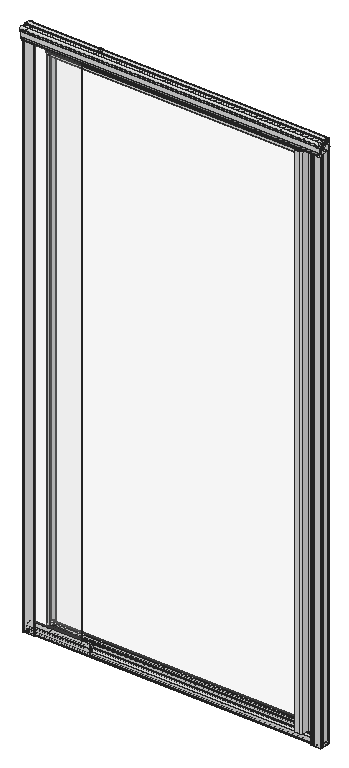
Revit family "Shower-Shower_Door-STERLING-Deluxe-572119_1", category Specialty Equipment, host Face, Revit 2021 (continued)
Definition of nested family "572119"
  Automatic sketch dimensions
    curve 71 to curve 71 = 0.02562"
    curve 83 to plane 20 = 0.15802"
    curve 83 to curve 84 = 0.03037"
    curve 74 to plane 20 = 0.04047"
    curve 82 to plane 20 = 0.02961"
    curve 75 to plane 20 = 0.01715"
    curve 81 to plane 20 = 0.01449"
    level to curve 68 = 0.405"
    curve 68 to curve 79 = 0"
    curve 68 to curve 80 = 0"
    curve 79 to curve 81 = 0.453"
    curve 78 to curve 81 = 0"
    level to curve 67 = 0.858"
    curve 82 to curve 81 = 0"
    curve 81 to curve 76 = 0"
    curve 82 to curve 82 = 1/4"
    curve 74 to curve 74 = 1/4"
    curve 67 to curve 64 = 0.35103"
    curve 74 to curve 75 = 0"
    curve 73 to curve 72 = 1/4"
    curve 67 to curve 66 = 0"
    curve 64 to curve 64 = 0.06254"
    curve 72 to curve 46 = 0.292"
    curve 46 to curve 69 = 0.10978"
    curve 70 to curve 69 = 0.13641"
    curve 49 to curve 54 = 0"
    curve 56 to curve 51 = 0.00073"
    curve 52 to curve 51 = 0"
    curve 65 to curve 52 = 0"
    curve 60 to plane 23 = 0.206"
    Extrusion 1 sketch curve to plane 18 = 0"
    Extrusion 1 sketch curve to plane 23 = 0"
    Extrusion 1 sketch curve to plane 19 = 0"  (x2)
    Extrusion 1 sketch curve to Extrusion 1 sketch curve = 0.01995"
    plane 18 to Extrusion 1 sketch curve = 0.05"
    Extrusion 1 sketch curve to Extrusion 1 sketch curve = 0.04475"
    Extrusion 1 sketch curve to Extrusion 1 sketch curve = 0.00494"
    Extrusion 1 sketch curve to Extrusion 1 sketch curve = 0.02029"
    Extrusion 1 sketch curve to Extrusion 1 sketch curve = 0.01536"
    Extrusion 1 sketch curve to Extrusion 1 sketch curve = 0.05"  (x3)
    plane 18 to Extrusion 1 sketch curve = 0.20015"
    Extrusion 1 sketch curve to plane 23 = 0.12"
    plane 18 to Extrusion 1 sketch curve = 0.22141"
    Extrusion 1 sketch curve to Extrusion 1 sketch curve = 0.00074"  (x2)
    Extrusion 1 sketch curve to Extrusion 1 sketch curve = 0.0512"
    Extrusion 1 sketch curve to Extrusion 1 sketch curve = 0.0175"
    Extrusion 1 sketch curve to Extrusion 1 sketch curve = 0.02506"
    Extrusion 1 sketch curve to Extrusion 1 sketch curve = 0.14541"
    Extrusion 1 sketch curve to Extrusion 1 sketch curve = 0.0014"
    Extrusion 1 sketch curve to Extrusion 1 sketch curve = 0.06605"
    Extrusion 1 sketch curve to Extrusion 1 sketch curve = 0.18902"
    Extrusion 1 sketch curve to Extrusion 1 sketch curve = 0.01957"
    Extrusion 1 sketch curve to Extrusion 1 sketch curve = 0.025"  (x4)
    Extrusion 1 sketch curve to Extrusion 1 sketch curve = 0.02021"
    Extrusion 1 sketch curve to Extrusion 1 sketch curve = 0.17115"
    Extrusion 1 sketch curve to Extrusion 1 sketch curve = 0.211"
    Extrusion 1 sketch curve to plane 23 = 0.02006"
    Extrusion 1 sketch curve to Extrusion 1 sketch curve = 0.04165"
    Extrusion 1 sketch curve to Extrusion 1 sketch curve = 0.02023"
    Extrusion 1 sketch curve to Extrusion 1 sketch curve = 0.00003"  (x2)
    Extrusion 1 sketch curve to plane 23 = 0.05"
    Extrusion 1 sketch curve to Extrusion 1 sketch curve = 0.05448"
    Extrusion 1 sketch curve to Extrusion 1 sketch curve = 0.05493"
    Extrusion 1 sketch curve to plane 19 = 0.24141"
    Extrusion 1 sketch curve to Extrusion 1 sketch curve = 0.00091"
    Extrusion 1 sketch curve to plane 19 = 0.17491"
    Extrusion 1 sketch curve to Extrusion 1 sketch curve = 0.05033"
    Extrusion 1 sketch curve to plane 19 = 0.11667"
    Extrusion 1 sketch curve to Extrusion 1 sketch curve = 0.01167"
    Extrusion 1 sketch curve to Extrusion 1 sketch curve = 0.03433"
    Extrusion 1 sketch curve to Extrusion 1 sketch curve = 0.00054"
    Extrusion 1 sketch curve to Extrusion 1 sketch curve = 0.04667"
    Extrusion 1 sketch curve to plane 19 = 0.07"
    Extrusion 1 sketch curve to Extrusion 1 sketch curve = 0.00282"
    Extrusion 1 sketch curve to Extrusion 1 sketch curve = 0.01485"
    Extrusion 1 sketch curve to plane 19 = 0.025"
    Extrusion 1 sketch curve to plane 19 = 0.02"  (x2)
    Extrusion 1 sketch curve to plane 19 = 0.01638"
    Extrusion 1 sketch curve to plane 19 = 0.016"
    Extrusion 1 sketch curve to Extrusion 1 sketch curve = 0.09937"
    Extrusion 1 sketch curve to Extrusion 1 sketch curve = 0.01795"
    Extrusion 1 sketch curve to Extrusion 1 sketch curve = 0.06318"
    Extrusion 1 sketch curve to Extrusion 1 sketch curve = 0.00597"
    Extrusion 1 sketch curve to Extrusion 1 sketch curve = 0.14194"
    Extrusion 1 sketch curve to Extrusion 1 sketch curve = 0.04969"
    Extrusion 1 sketch curve to Extrusion 1 sketch curve = 0.0043"
    Extrusion 1 sketch curve to Extrusion 1 sketch curve = 0.26664"
    Extrusion 1 sketch curve to Extrusion 1 sketch curve = 0.5832"
    Extrusion 1 sketch curve to Extrusion 1 sketch curve = 0.00681"
    Extrusion 1 sketch curve to Extrusion 1 sketch curve = 0.04287"
    Extrusion 1 sketch curve to Extrusion 1 sketch curve = 0.00375"
    Extrusion 1 sketch curve to Extrusion 1 sketch curve = 0.30146"
    Extrusion 1 sketch curve to Extrusion 1 sketch curve = 0.02384"
    Extrusion 1 sketch curve to Extrusion 1 sketch curve = 0.02856"
    Extrusion 1 sketch curve to Extrusion 1 sketch curve = 0.52836"
    Extrusion 1 sketch curve to Extrusion 1 sketch curve = 0"
    Extrusion 1 sketch curve to Extrusion 1 sketch curve = 0.21247"
    Extrusion 1 sketch curve to Extrusion 1 sketch curve = 0.01682"
    Extrusion 1 sketch curve to Extrusion 1 sketch curve = 0.02622"
    Extrusion 1 sketch curve to Extrusion 1 sketch curve = 0.049"
    Extrusion 1 sketch curve to Extrusion 1 sketch curve = 0.3671"
    Extrusion 1 sketch curve to Extrusion 1 sketch curve = 0.00064"
    Extrusion 2 sketch curve to plane 9 = 0"  (x2)
    plane 15 to Extrusion 2 sketch curve = 0.00796"
    plane 15 to Extrusion 2 sketch curve = 0.03435"
    plane 15 to Extrusion 2 sketch curve = 0.03591"
    plane 15 to Extrusion 2 sketch curve = 0.03594"
    plane 15 to Extrusion 2 sketch curve = 0.04242"
    Extrusion 2 sketch curve to Extrusion 2 sketch curve = 0.01216"
    Extrusion 2 sketch curve to Extrusion 2 sketch curve = 0.01164"
    Extrusion 2 sketch curve to Extrusion 2 sketch curve = 0.01246"
    Extrusion 2 sketch curve to plane 9 = 0.055"
    Extrusion 2 sketch curve to Extrusion 2 sketch curve = 0.01645"
    Extrusion 2 sketch curve to Extrusion 2 sketch curve = 0.01456"
    Extrusion 2 sketch curve to Extrusion 2 sketch curve = 0.01446"
    Extrusion 2 sketch curve to Extrusion 2 sketch curve = 0.0154"
    Extrusion 2 sketch curve to Extrusion 2 sketch curve = 0.01569"
    Extrusion 2 sketch curve to Extrusion 2 sketch curve = 0.01096"
    Extrusion 2 sketch curve to Extrusion 2 sketch curve = 0.01368"
    Extrusion 2 sketch curve to Extrusion 2 sketch curve = 0.01501"
    Extrusion 2 sketch curve to Extrusion 2 sketch curve = 0.02207"
    plane 18 to Extrusion 2 sketch curve = 0.34588"
    Extrusion 2 sketch curve to Extrusion 2 sketch curve = 0.0501"
    Extrusion 2 sketch curve to Extrusion 2 sketch curve = 0"  (x2)
    Extrusion 2 sketch curve to Extrusion 2 sketch curve = 0.04274"
    Extrusion 2 sketch curve to Extrusion 2 sketch curve = 0.00992"
    Extrusion 2 sketch curve to Extrusion 2 sketch curve = 0.05493"
    Extrusion 2 sketch curve to Extrusion 2 sketch curve = 0.10573"
    Extrusion 2 sketch curve to Extrusion 2 sketch curve = 0.07743"  (x3)
    Extrusion 2 sketch curve to Extrusion 2 sketch curve = 0.00811"
    Extrusion 2 sketch curve to Extrusion 2 sketch curve = 0.04911"
    Extrusion 2 sketch curve to Extrusion 2 sketch curve = 0.00728"
    Extrusion 2 sketch curve to Extrusion 2 sketch curve = 0.00684"
    Extrusion 2 sketch curve to plane 1 "Center (Front/Back)" = 0.20474"
    Extrusion 2 sketch curve to Extrusion 2 sketch curve = 0.00726"
    Extrusion 2 sketch curve to Extrusion 2 sketch curve = 0.00647"
    Extrusion 2 sketch curve to Extrusion 2 sketch curve = 0.04856"
    Extrusion 2 sketch curve to Extrusion 2 sketch curve = 0.04847"
    Extrusion 3 sketch curve to plane 4 = 0"
    Extrusion 3 sketch curve to plane 4 = 0.02359"
    Extrusion 3 sketch curve to plane 4 = 0.02461"
    Extrusion 3 sketch curve to plane 4 = 0.03325"
    Extrusion 3 sketch curve to Extrusion 3 sketch curve = 0.013"
    Extrusion 3 sketch curve to plane 4 = 0.048"
    Extrusion 3 sketch curve to Extrusion 3 sketch curve = 0.00131"
    Extrusion 3 sketch curve to Extrusion 3 sketch curve = 0.01985"
    Extrusion 3 sketch curve to Extrusion 3 sketch curve = 0.00053"
    Extrusion 3 sketch curve to Extrusion 3 sketch curve = 0.02861"
    Extrusion 3 sketch curve to Extrusion 3 sketch curve = 0.06684"
    Extrusion 3 sketch curve to Extrusion 3 sketch curve = 0.00291"
    Extrusion 3 sketch curve to Extrusion 3 sketch curve = 0.02252"
    Extrusion 3 sketch curve to Extrusion 3 sketch curve = 0.11224"
    Extrusion 3 sketch curve to Extrusion 3 sketch curve = 0.15781"
    Extrusion 3 sketch curve to Extrusion 3 sketch curve = 0.01063"
    Extrusion 3 sketch curve to Extrusion 3 sketch curve = 0.0196"
    Extrusion 3 sketch curve to Extrusion 3 sketch curve = 0.048"
    Extrusion 3 sketch curve to Extrusion 3 sketch curve = 0.02054"
    Extrusion 3 sketch curve to plane 19 = 0.09404"
    Extrusion 3 sketch curve to Extrusion 3 sketch curve = 0.15803"
    Extrusion 3 sketch curve to plane 4 = 0.74842"
    Extrusion 3 sketch curve to plane 4 = 0.7529"
    plane 18 to Extrusion 3 sketch curve = 0.38717"
    Extrusion 3 sketch curve to Extrusion 3 sketch curve = 0.97597"
    Extrusion 3 sketch curve to Extrusion 3 sketch curve = 0.025"
    Extrusion 3 sketch curve to plane 7 = 1.1033"
    Extrusion 3 sketch curve to Extrusion 3 sketch curve = 0.13512"
    Extrusion 3 sketch curve to plane 19 = 0.09352"
    Extrusion 3 sketch curve to Extrusion 3 sketch curve = 0.02448"
    plane 1 "Center (Front/Back)" to Extrusion 3 sketch curve = 0.36262"
    Extrusion 3 sketch curve to Extrusion 3 sketch curve = 0.00946"
    Extrusion 3 sketch curve to Extrusion 3 sketch curve = 0.14027"
    Extrusion 3 sketch curve to Extrusion 3 sketch curve = 0.03954"
    Extrusion 3 sketch curve to Extrusion 3 sketch curve = 0.06682"
    Extrusion 3 sketch curve to Extrusion 3 sketch curve = 0.04599"
    Extrusion 3 sketch curve to Extrusion 3 sketch curve = 0.02629"
    Extrusion 3 sketch curve to Extrusion 3 sketch curve = 0.03258"
    Extrusion 3 sketch curve to Extrusion 3 sketch curve = 0.00471"
    Extrusion 3 sketch curve to Extrusion 3 sketch curve = 0.02488"
    Extrusion 3 sketch curve to Extrusion 3 sketch curve = 0.03012"
    Extrusion 3 sketch curve to Extrusion 3 sketch curve = 0.05911"
    Extrusion 3 sketch curve to Extrusion 3 sketch curve = 0.03267"
    Extrusion 3 sketch curve to plane 18 = 1.03924"
    Extrusion 3 sketch curve to Extrusion 3 sketch curve = 8.31247"
    Extrusion 3 sketch curve to Extrusion 3 sketch curve = 2.76245"
    Extrusion 3 sketch curve to Extrusion 3 sketch curve = 0"  (x2)
    Extrusion 3 sketch curve to Extrusion 3 sketch curve = 0.03855"
    Extrusion 4 sketch curve to Extrusion 4 sketch curve = 0.17715"
    Extrusion 4 sketch curve to Extrusion 4 sketch curve = 0.051"
    Extrusion 4 sketch curve to plane 17 = 0.01135"
    Extrusion 4 sketch curve to Extrusion 4 sketch curve = 0.0284"
    plane 18 to Extrusion 4 sketch curve = 0.14705"
    Extrusion 4 sketch curve to Extrusion 4 sketch curve = 0.06747"
    Extrusion 4 sketch curve to Extrusion 4 sketch curve = 0.07699"
    plane 1 "Center (Front/Back)" to Extrusion 4 sketch curve = 0.09828"
    plane 1 "Center (Front/Back)" to Extrusion 4 sketch curve = 0.05979"
    Extrusion 4 sketch curve to plane 1 "Center (Front/Back)" = 0.17108"
    Extrusion 4 sketch curve to Extrusion 4 sketch curve = 0.05713"
    Extrusion 4 sketch curve to Extrusion 4 sketch curve = 0.065"  (x2)
    Extrusion 4 sketch curve to Extrusion 4 sketch curve = 0.04"  (x2)
    Extrusion 4 sketch curve to plane 20 = 0.05397"
    Extrusion 4 sketch curve to plane 20 = 0.00035"
    plane 20 to Extrusion 4 sketch curve = 0.04614"
    Extrusion 5 sketch curve to level = 0"  (x2)
    level to Extrusion 5 sketch curve = 0.07"
    plane 18 to Extrusion 5 sketch curve = 0.47771"  (x2)
    Extrusion 5 sketch curve to Extrusion 5 sketch curve = 0.01981"
    Extrusion 5 sketch curve to Extrusion 5 sketch curve = 0.025"
    Extrusion 5 sketch curve to Extrusion 5 sketch curve = 0.03"
    Extrusion 5 sketch curve to Extrusion 5 sketch curve = 0"
    Extrusion 5 sketch curve to Extrusion 5 sketch curve = 0.02001"
    Extrusion 5 sketch curve to Extrusion 5 sketch curve = 0.02007"
    Extrusion 5 sketch curve to Extrusion 5 sketch curve = 0.02018"
    Extrusion 5 sketch curve to Extrusion 5 sketch curve = 0.0597"
    Extrusion 5 sketch curve to Extrusion 5 sketch curve = 0.03992"
    Extrusion 5 sketch curve to Extrusion 5 sketch curve = 0.00488"
    Extrusion 5 sketch curve to Extrusion 5 sketch curve = 0.00457"  (x2)
    Extrusion 5 sketch curve to Extrusion 5 sketch curve = 0.01532"
    Extrusion 5 sketch curve to Extrusion 5 sketch curve = 0.055"  (x2)
    Extrusion 5 sketch curve to plane 1 "Center (Front/Back)" = 0.00563"
    Extrusion 5 sketch curve to plane 19 = 0.20208"
    Extrusion 5 sketch curve to Extrusion 5 sketch curve = 0.00355"
    Extrusion 5 sketch curve to Extrusion 5 sketch curve = 0.02024"
    Extrusion 5 sketch curve to Extrusion 5 sketch curve = 0.03522"
    Extrusion 5 sketch curve to Extrusion 5 sketch curve = 0.0225"
    Extrusion 5 sketch curve to Extrusion 5 sketch curve = 0.06865"
    Extrusion 5 sketch curve to Extrusion 5 sketch curve = 0.03086"
    Extrusion 5 sketch curve to Extrusion 5 sketch curve = 0.28121"
    Extrusion 5 sketch curve to Extrusion 5 sketch curve = 0.00555"
    Extrusion 5 sketch curve to Extrusion 5 sketch curve = 0.22516"
    plane 18 to Extrusion 6 sketch curve = 0.42771"
    Extrusion 6 sketch curve to Extrusion 6 sketch curve = 0.01994"
    Extrusion 6 sketch curve to Extrusion 6 sketch curve = 0.03196"
    Extrusion 6 sketch curve to Extrusion 6 sketch curve = 0.03006"
    Extrusion 6 sketch curve to Extrusion 6 sketch curve = 0.05017"
    Extrusion 6 sketch curve to Extrusion 6 sketch curve = 0.02492"  (x2)
    Extrusion 6 sketch curve to Extrusion 6 sketch curve = 0.01977"
    Extrusion 6 sketch curve to Extrusion 6 sketch curve = 0.02011"
    Extrusion 6 sketch curve to Extrusion 6 sketch curve = 0.02018"
    Extrusion 6 sketch curve to Extrusion 6 sketch curve = 0.03477"
    Extrusion 6 sketch curve to Extrusion 6 sketch curve = 0.02036"
    Extrusion 6 sketch curve to Extrusion 6 sketch curve = 0.02484"
    Extrusion 6 sketch curve to Extrusion 6 sketch curve = 0.02051"
    Extrusion 6 sketch curve to Extrusion 6 sketch curve = 0.18836"
    Extrusion 6 sketch curve to Extrusion 6 sketch curve = 0.21158"
    Extrusion 6 sketch curve to Extrusion 6 sketch curve = 0.00097"
    Extrusion 6 sketch curve to Extrusion 6 sketch curve = 0.02494"  (x2)
    Extrusion 6 sketch curve to Extrusion 6 sketch curve = 0.01917"
    Extrusion 6 sketch curve to Extrusion 6 sketch curve = 0.02032"
    Extrusion 6 sketch curve to Extrusion 6 sketch curve = 0.025"
    level to Extrusion 6 sketch curve = 0.085"
    Extrusion 6 sketch curve to Extrusion 6 sketch curve = 0.01619"
    Extrusion 6 sketch curve to Extrusion 6 sketch curve = 0.0369"
    Extrusion 6 sketch curve to Extrusion 6 sketch curve = 0.36859"
    Extrusion 6 sketch curve to Extrusion 6 sketch curve = 0.2777"
    Extrusion 6 sketch curve to Extrusion 6 sketch curve = 0.055"
    Extrusion 6 sketch curve to Extrusion 6 sketch curve = 0.01921"
    Extrusion 6 sketch curve to Extrusion 6 sketch curve = 0.00086"
    Extrusion 6 sketch curve to Extrusion 6 sketch curve = 0.01982"
    Extrusion 6 sketch curve to Extrusion 6 sketch curve = 0.00132"
    Extrusion 6 sketch curve to Extrusion 6 sketch curve = 0.45287"
    Extrusion 6 sketch curve to Extrusion 6 sketch curve = 0"
    Extrusion 6 sketch curve to Extrusion 6 sketch curve = 0.00174"  (x2)
    Extrusion 7 sketch curve to plane 7 = 0"
    Extrusion 7 sketch curve to Extrusion 7 sketch curve = 0.02171"
    plane 7 to Extrusion 7 sketch curve = 0.02327"
    plane 7 to Extrusion 7 sketch curve = 0.04"
    Extrusion 7 sketch curve to plane 20 = 0.06747"
    plane 7 to Extrusion 7 sketch curve = 0.31976"
    Extrusion 7 sketch curve to Extrusion 7 sketch curve = 0.00557"
    Extrusion 7 sketch curve to Extrusion 7 sketch curve = 0.305"
    Extrusion 7 sketch curve to Extrusion 7 sketch curve = 0.0089"
    plane 1 "Center (Front/Back)" to Extrusion 7 sketch curve = 0.0859"
    Extrusion 7 sketch curve to Extrusion 7 sketch curve = 0.0169"
    Extrusion 7 sketch curve to Extrusion 7 sketch curve = 0.07524"
    plane 1 "Center (Front/Back)" to Extrusion 7 sketch curve = 0.0903"
    Extrusion 7 sketch curve to plane 1 "Center (Front/Back)" = 0.17318"
    Extrusion 7 sketch curve to Extrusion 7 sketch curve = 0.04279"
    Extrusion 7 sketch curve to Extrusion 7 sketch curve = 0.09475"
    plane 1 "Center (Front/Back)" to Extrusion 8 sketch curve = 0.24573"
    Extrusion 8 sketch curve to Extrusion 8 sketch curve = 0.02017"
    Extrusion 8 sketch curve to Extrusion 8 sketch curve = 0.02217"
    Extrusion 8 sketch curve to Extrusion 8 sketch curve = 0.05327"
    Extrusion 8 sketch curve to Extrusion 8 sketch curve = 0.01996"
    Extrusion 8 sketch curve to Extrusion 8 sketch curve = 0.02082"
    Extrusion 8 sketch curve to Extrusion 8 sketch curve = 0.0187"
    Extrusion 8 sketch curve to Extrusion 8 sketch curve = 0.04347"
    plane 1 "Center (Front/Back)" to Extrusion 8 sketch curve = 0.09929"
    plane 1 "Center (Front/Back)" to Extrusion 8 sketch curve = 0.07088"
    plane 1 "Center (Front/Back)" to Extrusion 8 sketch curve = 0.04162"
    plane 1 "Center (Front/Back)" to Extrusion 8 sketch curve = 0.00479"
    plane 1 "Center (Front/Back)" to Extrusion 8 sketch curve = 0.00334"
    Extrusion 8 sketch curve to plane 1 "Center (Front/Back)" = 0.04022"
    Extrusion 8 sketch curve to Extrusion 8 sketch curve = 0.01737"
    Extrusion 8 sketch curve to Extrusion 8 sketch curve = 0.00317"
    Extrusion 8 sketch curve to Extrusion 8 sketch curve = 0.05834"
    Extrusion 8 sketch curve to plane 1 "Center (Front/Back)" = 0.12419"
    Extrusion 8 sketch curve to Extrusion 8 sketch curve = 0.03309"
    Extrusion 8 sketch curve to Extrusion 8 sketch curve = 0.06144"
    Extrusion 8 sketch curve to Extrusion 8 sketch curve = 0.00592"
    Extrusion 8 sketch curve to plane 1 "Center (Front/Back)" = 0.19571"
    Extrusion 8 sketch curve to Extrusion 8 sketch curve = 0.0556"  (x2)
    Extrusion 8 sketch curve to Extrusion 8 sketch curve = 0.02013"
    Extrusion 8 sketch curve to Extrusion 8 sketch curve = 0.08018"
    Extrusion 8 sketch curve to Extrusion 8 sketch curve = 0.07224"
    Extrusion 8 sketch curve to Extrusion 8 sketch curve = 0.01976"
    Extrusion 8 sketch curve to Extrusion 8 sketch curve = 0.03105"
    Extrusion 8 sketch curve to Extrusion 8 sketch curve = 0.06051"
    Extrusion 8 sketch curve to Extrusion 8 sketch curve = 0.06811"
    Extrusion 8 sketch curve to Extrusion 8 sketch curve = 0.00671"
    Extrusion 8 sketch curve to Extrusion 8 sketch curve = 0.01024"
    Extrusion 8 sketch curve to Extrusion 8 sketch curve = 0.05969"
    Extrusion 8 sketch curve to Extrusion 8 sketch curve = 0.0016"
    Extrusion 8 sketch curve to Extrusion 8 sketch curve = 0.02125"
    Extrusion 8 sketch curve to Extrusion 8 sketch curve = 0.03887"
    Extrusion 8 sketch curve to Extrusion 8 sketch curve = 0.05"
    Extrusion 8 sketch curve to Extrusion 8 sketch curve = 0.00087"
    Extrusion 8 sketch curve to Extrusion 8 sketch curve = 0.00231"
    Extrusion 8 sketch curve to Extrusion 8 sketch curve = 0.02064"
    Extrusion 8 sketch curve to Extrusion 8 sketch curve = 0.01698"
    plane 19 to Extrusion 8 sketch curve = 0.00271"
    Extrusion 8 sketch curve to plane 20 = 0.11697"
    Extrusion 8 sketch curve to Extrusion 8 sketch curve = 0.00915"  (x2)
    level to Extrusion 8 sketch curve = 0.858"
    Extrusion 8 sketch curve to Extrusion 8 sketch curve = 0"  (x6)
    Extrusion 8 sketch curve to Extrusion 8 sketch curve = 0.00218"
    Extrusion 8 sketch curve to Extrusion 8 sketch curve = 0.0325"
    Extrusion 8 sketch curve to Extrusion 8 sketch curve = 0.03901"
    Extrusion 8 sketch curve to Extrusion 8 sketch curve = 0.04487"
    Extrusion 8 sketch curve to Extrusion 8 sketch curve = 0.15342"
    Extrusion 8 sketch curve to Extrusion 8 sketch curve = 0.17212"
    Extrusion 8 sketch curve to Extrusion 8 sketch curve = 0.01922"  (x2)
    Extrusion 8 sketch curve to Extrusion 8 sketch curve = 0.02326"
    Extrusion 8 sketch curve to Extrusion 8 sketch curve = 0.08053"
    Extrusion 8 sketch curve to Extrusion 8 sketch curve = 0.0002"
    Extrusion 8 sketch curve to Extrusion 8 sketch curve = 0.26455"
    Extrusion 8 sketch curve to Extrusion 8 sketch curve = 0.00023"
    Extrusion 8 sketch curve to Extrusion 8 sketch curve = 0.05333"
    Extrusion 8 sketch curve to Extrusion 8 sketch curve = 0.00063"
    Extrusion 8 sketch curve to Extrusion 8 sketch curve = 0.02106"
    Extrusion 8 sketch curve to Extrusion 8 sketch curve = 0.0036"
    Extrusion 8 sketch curve to Extrusion 8 sketch curve = 0.05033"
    Extrusion 8 sketch curve to Extrusion 8 sketch curve = 0.00773"
    Extrusion 8 sketch curve to Extrusion 8 sketch curve = 0.00049"
    Extrusion 8 sketch curve to Extrusion 8 sketch curve = 0.06279"
    Extrusion 8 sketch curve to Extrusion 8 sketch curve = 0.08725"
    Extrusion 8 sketch curve to Extrusion 8 sketch curve = 0.01503"
    Extrusion 8 sketch curve to Extrusion 8 sketch curve = 0.02218"
    Extrusion 8 sketch curve to Extrusion 8 sketch curve = 0.04324"
    Extrusion 8 sketch curve to Extrusion 8 sketch curve = 0.25961"
    Extrusion 9 sketch curve to plane 24 = 2.50772"
    Extrusion 9 sketch curve to Extrusion 9 sketch curve = 0.35"
    Extrusion 9 sketch curve to Extrusion 9 sketch curve = 0"
    Extrusion 9 sketch curve to Extrusion 9 sketch curve = 0.03966"
    Extrusion 9 sketch curve to Extrusion 9 sketch curve = 0.04397"
    Extrusion 9 sketch curve to Extrusion 9 sketch curve = 0.05603"
    plane 18 to Extrusion 9 sketch curve = 0.41959"
    Extrusion 9 sketch curve to Extrusion 9 sketch curve = 0.05998"
    Extrusion 9 sketch curve to Extrusion 9 sketch curve = 0.24829"
    Extrusion 9 sketch curve to Extrusion 9 sketch curve = 0.00395"
    plane 19 to Extrusion 10 sketch curve = 0.00498"
    plane 5 to Extrusion 10 sketch curve = 0.0247"
    Extrusion 10 sketch curve to plane 19 = 0.01429"
    Extrusion 10 sketch curve to plane 19 = 0.05279"
    Extrusion 10 sketch curve to plane 19 = 0.07329"
    Extrusion 10 sketch curve to plane 19 = 0.12329"
    Extrusion 10 sketch curve to Extrusion 10 sketch curve = 0.056"
    Extrusion 10 sketch curve to Extrusion 10 sketch curve = 0.0765"
    Extrusion 10 sketch curve to Extrusion 10 sketch curve = 0.055"  (x2)
    plane 1 "Center (Front/Back)" to Extrusion 10 sketch curve = 0.52829"
    Extrusion 11 sketch curve to plane 24 = 1.86587"
    Extrusion 11 sketch curve to plane 4 = 0.07425"
    plane 18 to Extrusion 11 sketch curve = 0.52571"
    Extrusion 11 sketch curve to Extrusion 11 sketch curve = 0.14699"
    plane 1 "Center (Front/Back)" to Extrusion 12 sketch curve = 0.24573"
    Extrusion 12 sketch curve to Extrusion 12 sketch curve = 0.02017"
    Extrusion 12 sketch curve to Extrusion 12 sketch curve = 0.02217"
    Extrusion 12 sketch curve to Extrusion 12 sketch curve = 0.05327"
    Extrusion 12 sketch curve to Extrusion 12 sketch curve = 0.01996"
    Extrusion 12 sketch curve to Extrusion 12 sketch curve = 0.02082"
    Extrusion 12 sketch curve to Extrusion 12 sketch curve = 0.0187"
    Extrusion 12 sketch curve to Extrusion 12 sketch curve = 0.04347"
    plane 1 "Center (Front/Back)" to Extrusion 12 sketch curve = 0.09929"
    plane 1 "Center (Front/Back)" to Extrusion 12 sketch curve = 0.07088"
    plane 1 "Center (Front/Back)" to Extrusion 12 sketch curve = 0.04162"
    plane 1 "Center (Front/Back)" to Extrusion 12 sketch curve = 0.00479"
    plane 1 "Center (Front/Back)" to Extrusion 12 sketch curve = 0.00334"
    Extrusion 12 sketch curve to plane 1 "Center (Front/Back)" = 0.04022"
    Extrusion 12 sketch curve to Extrusion 12 sketch curve = 0.01737"
    Extrusion 12 sketch curve to Extrusion 12 sketch curve = 0.00317"
    Extrusion 12 sketch curve to Extrusion 12 sketch curve = 0.05834"
    Extrusion 12 sketch curve to plane 1 "Center (Front/Back)" = 0.12419"
    Extrusion 12 sketch curve to Extrusion 12 sketch curve = 0.03309"
    Extrusion 12 sketch curve to Extrusion 12 sketch curve = 0.06144"
    Extrusion 12 sketch curve to Extrusion 12 sketch curve = 0.00592"
    Extrusion 12 sketch curve to plane 1 "Center (Front/Back)" = 0.19571"
    Extrusion 12 sketch curve to Extrusion 12 sketch curve = 0.0556"
    Extrusion 12 sketch curve to Extrusion 12 sketch curve = 0.02013"
    Extrusion 12 sketch curve to Extrusion 12 sketch curve = 0.08018"
    Extrusion 12 sketch curve to Extrusion 12 sketch curve = 0.07224"
    Extrusion 12 sketch curve to Extrusion 12 sketch curve = 0.01976"
    Extrusion 12 sketch curve to Extrusion 12 sketch curve = 0.08479"
    Extrusion 12 sketch curve to Extrusion 12 sketch curve = 0.06051"
    Extrusion 12 sketch curve to Extrusion 12 sketch curve = 0.06811"
    Extrusion 12 sketch curve to Extrusion 12 sketch curve = 0.00671"
    Extrusion 12 sketch curve to Extrusion 12 sketch curve = 0.01024"
    Extrusion 12 sketch curve to Extrusion 12 sketch curve = 0.05969"
    Extrusion 12 sketch curve to Extrusion 12 sketch curve = 0.0016"
    Extrusion 12 sketch curve to Extrusion 12 sketch curve = 0.02125"
    Extrusion 12 sketch curve to Extrusion 12 sketch curve = 0.03887"
    Extrusion 12 sketch curve to Extrusion 12 sketch curve = 0.05"
    Extrusion 12 sketch curve to Extrusion 12 sketch curve = 0.00087"
    Extrusion 12 sketch curve to Extrusion 12 sketch curve = 0.00231"
    Extrusion 12 sketch curve to Extrusion 12 sketch curve = 0.02064"
    Extrusion 12 sketch curve to Extrusion 12 sketch curve = 0.01698"
    plane 19 to Extrusion 12 sketch curve = 0.00271"
    Extrusion 12 sketch curve to plane 20 = 0.11697"
    Extrusion 12 sketch curve to Extrusion 12 sketch curve = 0.00915"  (x2)
    Extrusion 12 sketch curve to plane 23 = 2 191/256"
    Extrusion 12 sketch curve to Extrusion 12 sketch curve = 0"  (x7)
    Extrusion 12 sketch curve to Extrusion 12 sketch curve = 0.26168"
    Extrusion 12 sketch curve to Extrusion 12 sketch curve = 0.04324"
    Extrusion 12 sketch curve to Extrusion 12 sketch curve = 0.10288"
    Extrusion 12 sketch curve to Extrusion 12 sketch curve = 0.02218"
    Extrusion 12 sketch curve to Extrusion 12 sketch curve = 0.01503"
    Extrusion 12 sketch curve to Extrusion 12 sketch curve = 0.02893"
    Extrusion 12 sketch curve to Extrusion 12 sketch curve = 0.00049"
    Extrusion 12 sketch curve to Extrusion 12 sketch curve = 0.00822"
    Extrusion 12 sketch curve to Extrusion 12 sketch curve = 0.065"
    Extrusion 12 sketch curve to Extrusion 12 sketch curve = 0.08456"
    Extrusion 12 sketch curve to Extrusion 12 sketch curve = 0.02356"
    Extrusion 12 sketch curve to Extrusion 12 sketch curve = 0.00063"
    Extrusion 12 sketch curve to Extrusion 12 sketch curve = 0.05783"
    Extrusion 12 sketch curve to Extrusion 12 sketch curve = 0.02706"
    Extrusion 12 sketch curve to Extrusion 12 sketch curve = 0.05376"
    Extrusion 12 sketch curve to Extrusion 12 sketch curve = 0.05333"
    Extrusion 12 sketch curve to Extrusion 12 sketch curve = 0.03453"
    Extrusion 12 sketch curve to Extrusion 12 sketch curve = 0.02326"
    Extrusion 12 sketch curve to Extrusion 12 sketch curve = 0.08073"
    Extrusion 12 sketch curve to Extrusion 12 sketch curve = 0.01922"
    Extrusion 12 sketch curve to Extrusion 12 sketch curve = 0.28921"
    Extrusion 12 sketch curve to Extrusion 12 sketch curve = 0.14525"
    Extrusion 12 sketch curve to Extrusion 12 sketch curve = 0.15342"
    Extrusion 12 sketch curve to Extrusion 12 sketch curve = 0.0325"
    Extrusion 12 sketch curve to Extrusion 12 sketch curve = 0.04446"
    Extrusion 12 sketch curve to Extrusion 12 sketch curve = 0.03901"
    Extrusion 13 sketch curve to plane 16 = 0"
    plane 7 to Extrusion 13 sketch curve = 0.083"
    plane 1 "Center (Front/Back)" to Extrusion 13 sketch curve = 0.00479"
    Extrusion 13 sketch curve to plane 1 "Center (Front/Back)" = 0.12419"
    plane 1 "Center (Front/Back)" to Extrusion 14 sketch curve = 0.37"
    Extrusion 14 sketch curve to Extrusion 14 sketch curve = 0.07441"
    Extrusion 14 sketch curve to Extrusion 14 sketch curve = 0.02059"
    Extrusion 14 sketch curve to plane 23 = 0.05"
    plane 1 "Center (Front/Back)" to Extrusion 14 sketch curve = 0.214"
    Extrusion 14 sketch curve to plane 1 "Center (Front/Back)" = 0.214"
    Extrusion 14 sketch curve to plane 19 = 0.21"
    Extrusion 14 sketch curve to Extrusion 14 sketch curve = 0.02104"
    Extrusion 14 sketch curve to Extrusion 14 sketch curve = 0.07396"
    Extrusion 14 sketch curve to plane 23 = 0.206"  (x2)
    Extrusion 14 sketch curve to Extrusion 14 sketch curve = 0.469"  (x2)
    Extrusion 14 sketch curve to Extrusion 14 sketch curve = 0.22941"
    Revolve 15 sketch curve to plane 22 = 0"
    Revolve 15 sketch curve to plane 23 = 0"
    plane 6 to Revolve 15 sketch curve = 2.06934"  (x2)
    plane 6 to Revolve 15 sketch curve = 1.81333"
    Revolve 15 sketch curve to Revolve 15 sketch curve = 0.03899"
    plane 22 to Revolve 15 sketch curve = 0.03392"
    Revolve 16 sketch curve to plane 24 = 2.65357"
    Revolve 16 sketch curve to Revolve 16 sketch curve = 0.15039"
    Revolve 16 sketch curve to plane 24 = 2.80396"
    Revolve 16 sketch curve to Revolve 16 sketch curve = 0.12338"  (x2)
    Revolve 16 sketch curve to plane 23 = 2.085"
    Revolve 16 sketch curve to Revolve 16 sketch curve = 0.253"
    Revolve 16 sketch curve to Revolve 16 sketch curve = 0.219"
    Revolve 16 sketch curve to plane 23 = 0.75375"
    Revolve 16 sketch curve to Revolve 16 sketch curve = 0.26"
    Revolve 16 sketch curve to Revolve 16 sketch curve = 0.06461"
    plane 1 "Center (Front/Back)" to Extrusion 17 sketch curve = 0"  (x3)
    plane 6 to Extrusion 17 sketch curve = 2.06934"
    plane 6 to Extrusion 17 sketch curve = 1.96975"  (x2)
    Extrusion 17 sketch curve to Extrusion 17 sketch curve = 0.09959"  (x2)
    plane 6 to Extrusion 17 sketch curve = 2.16894"  (x2)
    plane 1 "Center (Front/Back)" to Extrusion 17 sketch curve = 0.1725"
    Extrusion 17 sketch curve to plane 1 "Center (Front/Back)" = 0.1725"
    Revolve 18 sketch curve to plane 6 = 0.775"
    Revolve 18 sketch curve to Revolve 18 sketch curve = 0.25483"
    level to Revolve 18 sketch curve = 0.405"
    Revolve 18 sketch curve to Revolve 18 sketch curve = 0.453"
    Revolve 18 sketch curve to Revolve 18 sketch curve = 0"
    Revolve 18 sketch curve to Revolve 18 sketch curve = 0.081"
    Revolve 18 sketch curve to Revolve 18 sketch curve = 0.12429"
    Masking region 2 sketch curve to level = 0"
    Masking region 2 sketch curve to plane 23 = 0"  (x2)
    Masking region 2 sketch curve to plane 22 = 0"
    Masking region 2 sketch curve to plane 21 = 0"
    plane 19 to Masking region 2 sketch curve = 0.076"
    Masking region 2 sketch curve to Masking region 2 sketch curve = 0.02427"
    Masking region 2 sketch curve to Masking region 2 sketch curve = 0.02537"
    plane 19 to Masking region 2 sketch curve = 0.04671"  (x2)
    Masking region 2 sketch curve to plane 19 = 0.02"  (x3)
    Masking region 2 sketch curve to plane 19 = 0.02917"
    Masking region 2 sketch curve to Masking region 2 sketch curve = 0.01166"
    Masking region 2 sketch curve to Masking region 2 sketch curve = 0.02477"
    Masking region 2 sketch curve to Masking region 2 sketch curve = 0.01418"
    Masking region 2 sketch curve to plane 19 = 0.06929"
    Masking region 2 sketch curve to Masking region 2 sketch curve = 0.05"  (x2)
    Masking region 2 sketch curve to plane 19 = 0.07"
    Masking region 2 sketch curve to Masking region 2 sketch curve = 0.01444"
    Masking region 2 sketch curve to Masking region 2 sketch curve = 0.002"
    Masking region 2 sketch curve to Masking region 2 sketch curve = 0.02813"
    Masking region 2 sketch curve to Masking region 2 sketch curve = 0.01"
    Masking region 2 sketch curve to Masking region 2 sketch curve = 0.01189"
    Masking region 2 sketch curve to Masking region 2 sketch curve = 0.04811"
    Masking region 2 sketch curve to Masking region 2 sketch curve = 0.013"
    Masking region 2 sketch curve to Masking region 2 sketch curve = 0.035"
    Masking region 2 sketch curve to plane 23 = 0.05"  (x2)
    Masking region 2 sketch curve to Masking region 2 sketch curve = 0.1069"
    Masking region 2 sketch curve to Masking region 2 sketch curve = 0.12795"
    Masking region 2 sketch curve to Masking region 2 sketch curve = 0.00038"
    Masking region 2 sketch curve to Masking region 2 sketch curve = 0.0491"
    Masking region 2 sketch curve to Masking region 2 sketch curve = 0.089"  (x2)
    plane 1 "Center (Front/Back)" to Masking region 2 sketch curve = 1/8"
    Masking region 2 sketch curve to Masking region 2 sketch curve = 0.11027"
    plane 1 "Center (Front/Back)" to Masking region 2 sketch curve = 0.34827"
    Masking region 2 sketch curve to Masking region 2 sketch curve = 0.00073"
    Masking region 2 sketch curve to Masking region 2 sketch curve = 0.04573"
    Masking region 2 sketch curve to Masking region 2 sketch curve = 0.05325"
    Masking region 2 sketch curve to Masking region 2 sketch curve = 0.028"
    Masking region 2 sketch curve to Masking region 2 sketch curve = 0.022"
    Masking region 2 sketch curve to Masking region 2 sketch curve = 0.00929"
    Masking region 2 sketch curve to Masking region 2 sketch curve = 0.078"
    Masking region 2 sketch curve to Masking region 2 sketch curve = 0.156"
    Masking region 2 sketch curve to Masking region 2 sketch curve = 0.04571"
    Masking region 2 sketch curve to Masking region 2 sketch curve = 0.06856"
    Masking region 2 sketch curve to Masking region 2 sketch curve = 0.02715"
    plane 18 to Masking region 2 sketch curve = 0.316"  (x2)
    Masking region 2 sketch curve to Masking region 2 sketch curve = 0.114"
    Masking region 2 sketch curve to Masking region 2 sketch curve = 0.03639"
    Masking region 2 sketch curve to Masking region 2 sketch curve = 0.0022"
    Masking region 2 sketch curve to Masking region 2 sketch curve = 0.052"
    Masking region 2 sketch curve to Masking region 2 sketch curve = 0.00676"
    Masking region 2 sketch curve to Masking region 2 sketch curve = 0.00307"
    Masking region 2 sketch curve to Masking region 2 sketch curve = 0.20935"
    Masking region 2 sketch curve to Masking region 2 sketch curve = 0.00141"
    Masking region 2 sketch curve to Masking region 2 sketch curve = 0.09686"
    Masking region 2 sketch curve to Masking region 2 sketch curve = 0.05571"
    plane 18 to Masking region 2 sketch curve = 0.14653"
    plane 18 to Masking region 2 sketch curve = 0.135"
    Masking region 2 sketch curve to Masking region 2 sketch curve = 0.04649"
    plane 18 to Masking region 2 sketch curve = 0.07155"
    Masking region 2 sketch curve to Masking region 2 sketch curve = 0.01872"
    Masking region 2 sketch curve to Masking region 2 sketch curve = 0.00462"
    plane 18 to Masking region 2 sketch curve = 0.05"
    plane 18 to Masking region 2 sketch curve = 0.02013"
    Masking region 2 sketch curve to plane 18 = 0.0005"
    Masking region 2 sketch curve to Masking region 2 sketch curve = 0.405"
    Masking region 2 sketch curve to Masking region 2 sketch curve = 0.453"
    Masking region 2 sketch curve to Masking region 2 sketch curve = 0.858"
    Masking region 2 sketch curve to plane 23 = 1.832"
    Masking region 2 sketch curve to Masking region 2 sketch curve = 0"  (x4)
    Masking region 2 sketch curve to Masking region 2 sketch curve = 0.142"
    Masking region 2 sketch curve to Masking region 2 sketch curve = 0.267"
    Masking region 2 sketch curve to Masking region 2 sketch curve = 0.14649"
    Masking region 2 sketch curve to Masking region 2 sketch curve = 0.02149"
    Masking region 2 sketch curve to Masking region 2 sketch curve = 0.0245"
    Masking region 2 sketch curve to Masking region 2 sketch curve = 0.00599"
    Masking region 2 sketch curve to Masking region 2 sketch curve = 0.00465"
    Masking region 2 sketch curve to Masking region 2 sketch curve = 0.10978"
    Masking region 2 sketch curve to Masking region 2 sketch curve = 0.06228"
    Masking region 2 sketch curve to Masking region 2 sketch curve = 0.16097"
    Masking region 2 sketch curve to Masking region 2 sketch curve = 0.00646"
    Masking region 2 sketch curve to Masking region 2 sketch curve = 0.41949"
    Masking region 2 sketch curve to Masking region 2 sketch curve = 0.20734"
    Masking region 2 sketch curve to Masking region 2 sketch curve = 0.50027"
    Masking region 2 sketch curve to Masking region 2 sketch curve = 0.00302"
    Masking region 2 sketch curve to Masking region 2 sketch curve = 0.02536"
    Masking region 2 sketch curve to Masking region 2 sketch curve = 0.003"
    Masking region 2 sketch curve to Masking region 2 sketch curve = 0.1157"
    Masking region 2 sketch curve to Masking region 2 sketch curve = 0.00926"
    Masking region 2 sketch curve to Masking region 2 sketch curve = 0.05204"
    Masking region 2 sketch curve to Masking region 2 sketch curve = 61/256"
    Masking region 2 sketch curve to Masking region 2 sketch curve = 0.17874"
    Masking region 2 sketch curve to Masking region 2 sketch curve = 0.00069"
    Masking region 2 sketch curve to Masking region 2 sketch curve = 0.06719"
    Masking region 2 sketch curve to Masking region 2 sketch curve = 0.01184"
    Masking region 2 sketch curve to Masking region 2 sketch curve = 0.14161"
    Masking region 2 sketch curve to Masking region 2 sketch curve = 0.00109"
    Masking region 2 sketch curve to Masking region 2 sketch curve = 0.12583"
    Masking region 2 sketch curve to Masking region 2 sketch curve = 0.07386"
    Masking region 2 sketch curve to Masking region 2 sketch curve = 0.016"
    Masking region 2 sketch curve to Masking region 2 sketch curve = 0.02591"
    plane 6 to Revolve 19 sketch curve = 2.06934"  (x2)
    Revolve 19 sketch curve to plane 23 = 0"
    Revolve 19 sketch curve to plane 22 = 0"
    plane 6 to Revolve 19 sketch curve = 2.21368"
    Revolve 19 sketch curve to Revolve 19 sketch curve = 0.06666"
    Revolve 19 sketch curve to Revolve 19 sketch curve = 0.055"
    plane 6 to Revolve 20 sketch curve = 1.29434"
    Revolve 20 sketch curve to Revolve 20 sketch curve = 0.25288"
    Revolve 20 sketch curve to plane 23 = 1.832"
    Revolve 20 sketch curve to Revolve 20 sketch curve = 0.267"
    Revolve 20 sketch curve to Revolve 20 sketch curve = 0"
    Revolve 20 sketch curve to Revolve 20 sketch curve = 0.05927"
    Revolve 20 sketch curve to Revolve 20 sketch curve = 0.10575"
    Masking region 3 sketch curve to plane 4 = 0"
    Masking region 3 sketch curve to plane 19 = 0"  (x5)
    Masking region 3 sketch curve to plane 20 = 0"  (x2)
    Masking region 3 sketch curve to plane 18 = 0"
    Masking region 3 sketch curve to plane 4 = 0.15489"
    Masking region 3 sketch curve to Masking region 3 sketch curve = 0.0212"
    plane 19 to Masking region 3 sketch curve = 0.05474"
    Masking region 3 sketch curve to Masking region 3 sketch curve = 0.2726"
    Masking region 3 sketch curve to Masking region 3 sketch curve = 0.02126"
    Masking region 3 sketch curve to plane 20 = 0.07069"
    plane 7 to Masking region 3 sketch curve = 0.30356"
    Masking region 3 sketch curve to Masking region 3 sketch curve = 0.00747"
    Masking region 3 sketch curve to Masking region 3 sketch curve = 0.0162"
    Masking region 3 sketch curve to Masking region 3 sketch curve = 0.03946"
    Masking region 3 sketch curve to Masking region 3 sketch curve = 0.03398"
    Masking region 3 sketch curve to plane 20 = 0.05073"
    Masking region 3 sketch curve to Masking region 3 sketch curve = 0.05199"
    plane 20 to Masking region 3 sketch curve = 0.02453"
    Masking region 3 sketch curve to plane 17 = 0.05036"
    Masking region 3 sketch curve to Masking region 3 sketch curve = 0.00171"  (x2)
    Masking region 3 sketch curve to Masking region 3 sketch curve = 0.01959"
    Masking region 3 sketch curve to Masking region 3 sketch curve = 0.02151"
    plane 19 to Masking region 3 sketch curve = 0.04605"
    plane 19 to Masking region 3 sketch curve = 0.05432"
    Masking region 3 sketch curve to Masking region 3 sketch curve = 0.03286"
    Masking region 3 sketch curve to Masking region 3 sketch curve = 0.03279"
    Masking region 3 sketch curve to plane 20 = 0.05397"
    Masking region 3 sketch curve to Masking region 3 sketch curve = 0"
    Extrusion 22 sketch curve to plane 19 = 0"
    Extrusion 21 sketch curve to plane 18 = 0"  (x2)
    Extrusion 21 sketch curve to level = 0"
    Extrusion 21 sketch curve to plane 19 = 0"  (x2)
    Extrusion 21 sketch curve to plane 21 = 0"  (x2)
    Extrusion 21 sketch curve to plane 22 = 0"
    plane 18 to Extrusion 21 sketch curve = 0.32369"
    plane 18 to Extrusion 21 sketch curve = 0.4851"
    Extrusion 21 sketch curve to Extrusion 21 sketch curve = 1.13458"
    Extrusion 21 sketch curve to Extrusion 21 sketch curve = 0"
    Extrusion 21 sketch curve to Extrusion 21 sketch curve = 0.54097"
    Extrusion 21 sketch curve to plane 23 = 2.5043"
    Extrusion 21 sketch curve to Extrusion 21 sketch curve = 0.6723"  (x2)
    plane 4 to curve 17 = 0"
    plane 4 to curve 19 = 0"
    plane 4 to curve 20 = 0"
    plane 4 to curve 23 = 0"
    plane 4 to curve 22 = 0"
    plane 4 to curve 21 = 0"
    plane 4 to curve 18 = 0"
    curve 26 to level = 0"
    curve 25 to level = 0"
    curve 27 to level = 0"
    curve 24 to plane 23 = 0"
    curve 28 to plane 26 = 0"
    curve 90 to level = 0"
    curve 28 to curve 31 = 1.08688"
    level to curve 32 = 0.085"
    level to curve 91 = 0.858"
    curve 31 to curve 31 = 1.315"
    curve 94 to plane 23 = 1.832"
    curve 26 to plane 4 = 0.1"
    curve 26 to curve 25 = 0.01716"
    level to curve 34 = 0.07"
    curve 34 to plane 7 = 0.98116"
    curve 24 to plane 6 = 0.14434"
    curve 24 to plane 26 = 0.08722"
    curve 34 to plane 13 = 6.41179"
    curve 35 to curve 34 = 0.016"
    curve 32 to curve 33 = 0.016"
    curve 35 to curve 41 = 0.081"
    curve 41 to curve 42 = 0.016"
    curve 43 to curve 91 = 0.228"
    curve 89 to curve 44 = 0.01856"
    curve 30 to curve 37 = 1/2"
    curve 30 to curve 29 = 0.01988"
    curve 44 to curve 45 = 0.42285"
    curve 45 to curve 38 = 0.01859"
    curve 36 to curve 37 = 0.01488"
    curve 38 to curve 40 = 0.4075"
    curve 40 to curve 39 = 0.047"
    curve 89 to curve 94 = 0"
    curve 92 to curve 90 = 0.142"
    curve 25 to plane 23 = 1.565"
    curve 90 to curve 17 = 0.174"
    curve 17 to curve 23 = 0.07024"
    curve 23 to curve 22 = 0.19476"
    curve 21 to plane 23 = 0.503"
    curve 21 to curve 19 = 0.211"
    curve 20 to plane 23 = 0.07"
    Masking region 1 sketch curve to level = 0"
    plane 4 to Masking region 1 sketch curve = 0"
    Masking region 1 sketch curve to plane 23 = 0"  (x2)
    Masking region 1 sketch curve to plane 6 = 0"  (x2)
    plane 26 to Masking region 1 sketch curve = 1.08688"
    level to Masking region 1 sketch curve = 0.65573"
    Masking region 1 sketch curve to Masking region 1 sketch curve = 0.20227"
    Masking region 1 sketch curve to plane 23 = 1.832"
    Masking region 1 sketch curve to Masking region 1 sketch curve = 0.142"
    Masking region 1 sketch curve to Masking region 1 sketch curve = 1/8"
    plane 6 to Masking region 1 sketch curve = 0.23287"
    curve 28 to plane 23 = 1.832"
    radius of curve 15 = 0.05906"
    radius of curve 16 = 0.05906"
    radius of curve 85 = 0.10288"
    radius of curve 86 = 0.11429"
    radius of curve 87 = 0.07874"
    radius of curve 88 = 0.10349"
    radius of Extrusion 17 sketch curve = 0.25602"
